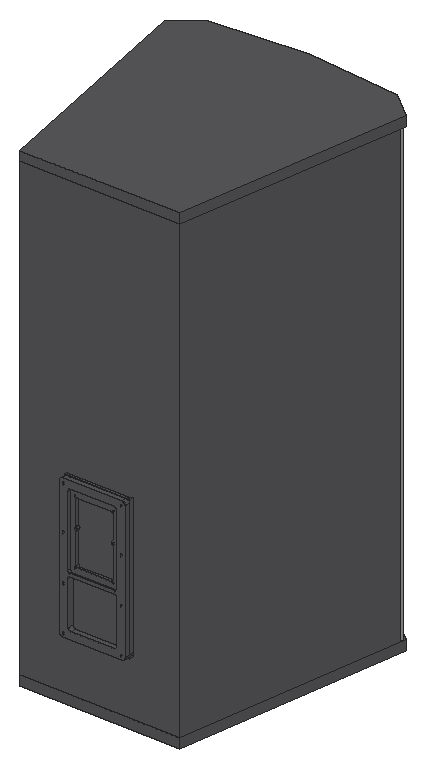
Revit family "EVC-1082-96", category Communication Devices, Revit 2017 (continued)
Definition of nested family "InputPanel_small"
  Lines and regions (mm)
    model lines, not visible
      curve 454: line (57.427, -9.5, 73.992) -> (57.427, -9.5, 72.777)
      curve 455: line (57.427, -9.5, 72.777) -> (57.56, -9.5, 72.903)
      curve 456: line (57.638, -9.5, 73.019) -> (57.638, -9.5, 73.728)
      curve 457: line (57.56, -9.5, 73.866) -> (57.427, -9.5, 73.992)
      curve 458: line (57.639, -9.5, 67.423) -> (57.636, -9.5, 66.745)
      curve 459: line (57.561, -9.5, 66.598) -> (57.428, -9.5, 66.472)
      curve 460: line (57.428, -9.5, 66.472) -> (57.427, -9.5, 67.687)
      curve 461: line (57.427, -9.5, 67.687) -> (57.561, -9.5, 67.561)
      curve 462: line (52.991, -9.5, 73.096) -> (55.108, -9.5, 73.096)
      curve 463: line (55.108, -9.5, 73.096) -> (55.108, -9.5, 73.673)
      curve 464: line (55.108, -9.5, 73.673) -> (52.991, -9.5, 73.672)
      curve 465: line (52.991, -9.5, 73.672) -> (52.991, -9.5, 73.096)
      curve 466: line (52.99, -9.5, 79.403) -> (52.99, -9.5, 79.98)
      curve 467: line (52.99, -9.5, 79.98) -> (55.107, -9.5, 79.98)
      curve 468: line (55.107, -9.5, 79.98) -> (55.107, -9.5, 79.404)
      curve 469: line (55.107, -9.5, 79.404) -> (52.99, -9.5, 79.403)
      curve 470: line (52.991, -9.5, 66.791) -> (52.991, -9.5, 67.367)
      curve 471: line (52.991, -9.5, 67.367) -> (55.109, -9.5, 67.367)
      curve 472: line (55.109, -9.5, 67.367) -> (55.109, -9.5, 66.791)
      curve 473: line (55.109, -9.5, 66.791) -> (52.991, -9.5, 66.791)
      curve 474: line (55.107, -9.5, 85.998) -> (52.989, -9.5, 85.997)
      curve 475: line (52.989, -9.5, 85.997) -> (52.989, -9.5, 85.709)
      curve 476: line (52.989, -9.5, 85.709) -> (55.107, -9.5, 85.709)
      curve 477: line (55.107, -9.5, 85.709) -> (55.107, -9.5, 85.998)
      curve 478: line (55.107, -9.5, 85.998) -> (55.798, -9.5, 85.998)
      curve 479: line (55.801, -9.5, 60.772) -> (55.11, -9.5, 60.772)
      curve 480: line (55.11, -9.5, 60.772) -> (55.11, -9.5, 61.06)
      curve 481: line (55.11, -9.5, 61.06) -> (52.992, -9.5, 61.06)
      curve 482: line (52.992, -9.5, 61.06) -> (52.992, -9.5, 60.772)
      curve 483: line (52.992, -9.5, 60.772) -> (55.11, -9.5, 60.772)
      curve 484: line (54.504, -9.5, 76.743) -> (56.298, -9.5, 74.554)
      curve 485: line (56.298, -9.5, 74.554) -> (55.807, -9.5, 74.222)
      curve 486: line (54.503, -9.5, 83.049) -> (56.297, -9.5, 80.86)
      curve 487: line (56.297, -9.5, 80.86) -> (55.806, -9.5, 80.528)
      curve 488: line (54.531, -9.5, 76.998) -> (56.131, -9.5, 75.046)
      curve 489: line (56.131, -9.5, 75.046) -> (56.7, -9.5, 75.046)
      curve 490: line (56.7, -9.5, 75.046) -> (54.662, -9.5, 77.533)
      curve 491: line (54.531, -9.5, 83.304) -> (56.13, -9.5, 81.352)
      curve 492: line (56.13, -9.5, 81.352) -> (56.699, -9.5, 81.352)
      curve 493: line (56.699, -9.5, 81.352) -> (54.661, -9.5, 83.839)
      curve 494: line (54.505, -9.5, 70.437) -> (56.298, -9.5, 68.248)
      curve 495: line (56.298, -9.5, 68.248) -> (55.807, -9.5, 67.915)
      curve 496: line (54.506, -9.5, 64.13) -> (56.299, -9.5, 61.942)
      curve 497: line (56.299, -9.5, 61.942) -> (55.808, -9.5, 61.609)
      curve 498: line (54.533, -9.5, 64.385) -> (56.132, -9.5, 62.433)
      curve 499: line (56.132, -9.5, 62.433) -> (56.702, -9.5, 62.433)
      curve 500: line (56.702, -9.5, 62.433) -> (54.664, -9.5, 64.92)
      curve 501: line (54.532, -9.5, 70.691) -> (56.131, -9.5, 68.739)
      curve 502: line (56.131, -9.5, 68.739) -> (56.701, -9.5, 68.739)
      curve 503: line (56.701, -9.5, 68.739) -> (54.663, -9.5, 71.227)
      curve 504: line (51.568, -9.5, 63.815) -> (51.568, -9.5, 60.772)
      curve 505: line (51.568, -9.5, 60.772) -> (46.145, -9.5, 60.771)
      curve 506: line (46.145, -9.5, 60.771) -> (46.141, -9.5, 85.996)
      curve 507: line (46.141, -9.5, 85.996) -> (51.565, -9.5, 85.997)
      curve 508: line (51.565, -9.5, 85.997) -> (52.989, -9.5, 85.997)
      curve 509: line (52.989, -9.5, 85.997) -> (49.876, -9.5, 86.125)
      curve 510: line (49.876, -9.5, 86.125) -> (49.754, -9.5, 86.302)
      curve 511: line (52.992, -9.5, 60.772) -> (51.568, -9.5, 60.772)
      curve 512: line (45.361, -9.5, 79.392) -> (45.362, -9.5, 73.88)
      curve 513: line (45.362, -9.5, 73.88) -> (41.147, -9.5, 73.88)
      curve 514: line (41.147, -9.5, 73.88) -> (41.146, -9.5, 79.392)
      curve 515: line (41.146, -9.5, 79.392) -> (45.361, -9.5, 79.392)
      curve 516: line (41.146, -9.5, 79.988) -> (41.145, -9.5, 85.499)
      curve 517: line (41.145, -9.5, 85.499) -> (45.36, -9.5, 85.5)
      curve 518: line (45.36, -9.5, 85.5) -> (45.361, -9.5, 79.988)
      curve 519: line (45.361, -9.5, 79.988) -> (41.146, -9.5, 79.988)
      curve 520: line (45.819, -9.5, 60.771) -> (45.816, -9.5, 85.996)
      curve 521: line (45.816, -9.5, 85.996) -> (40.689, -9.5, 85.996)
      curve 522: line (40.689, -9.5, 85.996) -> (40.692, -9.5, 60.771)
      curve 523: line (40.692, -9.5, 60.771) -> (45.819, -9.5, 60.771)
      curve 524: line (45.819, -9.5, 60.771) -> (46.145, -9.5, 60.771)
      curve 525: line (45.363, -9.5, 66.78) -> (45.363, -9.5, 61.268)
      curve 526: line (45.363, -9.5, 61.268) -> (41.148, -9.5, 61.267)
      curve 527: line (41.148, -9.5, 61.267) -> (41.147, -9.5, 66.779)
      curve 528: line (41.147, -9.5, 66.779) -> (45.363, -9.5, 66.78)
      curve 529: line (41.147, -9.5, 67.375) -> (41.147, -9.5, 72.887)
      curve 530: line (41.147, -9.5, 72.887) -> (45.362, -9.5, 72.887)
      curve 531: line (45.362, -9.5, 72.887) -> (45.363, -9.5, 67.375)
      curve 532: line (45.363, -9.5, 67.375) -> (41.147, -9.5, 67.375)
      curve 533: line (45.816, -9.5, 85.996) -> (46.141, -9.5, 85.996)
      curve 534: line (46.141, -9.5, 85.996) -> (42.88, -9.5, 86.124)
      curve 535: line (42.88, -9.5, 86.124) -> (42.758, -9.5, 86.301)
      curve 536: line (42.758, -9.5, 86.301) -> (45.891, -9.5, 86.301)
      curve 537: line (45.891, -9.5, 86.301) -> (46.013, -9.5, 86.124)
      curve 538: line (45.361, -9.5, 78.225) -> (43.953, -9.5, 78.225)
      curve 539: line (43.953, -9.5, 78.225) -> (43.627, -9.5, 78.913)
      curve 540: line (43.627, -9.5, 78.913) -> (43.242, -9.5, 79.392)
      curve 541: line (45.363, -9.5, 65.613) -> (43.954, -9.5, 65.612)
      curve 542: line (43.954, -9.5, 65.612) -> (43.629, -9.5, 66.3)
      curve 543: line (43.629, -9.5, 66.3) -> (43.244, -9.5, 66.779)
      curve 544: line (45.362, -9.5, 68.542) -> (43.954, -9.5, 68.542)
      curve 545: line (43.954, -9.5, 68.542) -> (43.629, -9.5, 67.854)
      curve 546: line (43.629, -9.5, 67.854) -> (43.244, -9.5, 67.375)
      curve 547: line (45.361, -9.5, 81.155) -> (43.952, -9.5, 81.155)
      curve 548: line (43.952, -9.5, 81.155) -> (43.627, -9.5, 80.467)
      curve 549: line (43.627, -9.5, 80.467) -> (43.242, -9.5, 79.988)
      curve 550: line (45.362, -9.5, 71.919) -> (43.954, -9.5, 71.919)
      curve 551: line (43.954, -9.5, 71.919) -> (43.628, -9.5, 72.607)
      curve 552: line (43.628, -9.5, 72.607) -> (43.403, -9.5, 72.887)
      curve 553: line (45.361, -9.5, 84.532) -> (43.952, -9.5, 84.531)
      curve 554: line (43.952, -9.5, 84.531) -> (43.627, -9.5, 85.219)
      curve 555: line (43.627, -9.5, 85.219) -> (43.401, -9.5, 85.5)
      curve 556: line (45.362, -9.5, 74.849) -> (43.953, -9.5, 74.848)
      curve 557: line (43.953, -9.5, 74.848) -> (43.628, -9.5, 74.16)
      curve 558: line (43.403, -9.5, 73.88) -> (43.628, -9.5, 74.16)
      curve 559: line (43.628, -9.5, 74.16) -> (43.627, -9.5, 78.913)
      curve 560: line (45.363, -9.5, 62.236) -> (43.955, -9.5, 62.236)
      curve 561: line (43.955, -9.5, 62.236) -> (43.629, -9.5, 61.548)
      curve 562: line (43.629, -9.5, 61.548) -> (43.629, -9.5, 66.3)
      curve 563: line (43.404, -9.5, 61.267) -> (43.629, -9.5, 61.548)
      curve 564: line (43.954, -9.5, 68.542) -> (43.954, -9.5, 71.919)
      curve 565: line (43.952, -9.5, 81.155) -> (43.952, -9.5, 84.531)
      curve 566: line (43.954, -9.5, 65.612) -> (43.955, -9.5, 62.236)
      curve 567: line (43.953, -9.5, 78.225) -> (43.953, -9.5, 74.848)
      curve 568: line (45.891, -9.5, 86.301) -> (45.891, -9.5, 86.563)
      curve 569: line (45.891, -9.5, 86.563) -> (42.758, -9.5, 86.562)
      curve 570: line (42.758, -9.5, 86.562) -> (42.758, -9.5, 86.301)
      curve 571: line (45.891, -9.5, 86.563) -> (46.472, -9.5, 86.563)
      curve 572: line (46.472, -9.5, 86.563) -> (46.472, -9.5, 86.301)
      curve 573: line (46.472, -9.5, 86.301) -> (46.35, -9.5, 86.124)
      curve 574: line (42.244, -9.5, 79.988) -> (42.243, -9.5, 85.499)
      curve 575: line (42.246, -9.5, 67.375) -> (42.245, -9.5, 72.887)
      curve 576: line (42.246, -9.5, 61.267) -> (42.246, -9.5, 66.779)
      curve 577: line (42.245, -9.5, 73.88) -> (42.244, -9.5, 79.392)
      curve 578: line (43.629, -9.5, 67.854) -> (43.628, -9.5, 72.607)
      curve 579: line (43.627, -9.5, 80.467) -> (43.627, -9.5, 85.219)
      curve 580: line (52.887, -9.5, 86.302) -> (53.009, -9.5, 86.125)
      curve 581: line (52.887, -9.5, 86.563) -> (52.887, -9.5, 86.302)
      curve 582: line (52.887, -9.5, 86.302) -> (49.754, -9.5, 86.302)
      curve 583: line (49.754, -9.5, 86.302) -> (49.754, -9.5, 86.563)
      curve 584: line (49.754, -9.5, 86.563) -> (52.887, -9.5, 86.563)
      curve 585: line (52.887, -9.5, 86.563) -> (53.468, -9.5, 86.563)
      curve 586: line (53.468, -9.5, 86.563) -> (53.468, -9.5, 86.302)
      curve 587: line (53.468, -9.5, 86.302) -> (53.346, -9.5, 86.125)
      curve 588: line (78.97, -9.5, 60.972) -> (78.967, -9.5, 85.803)
      curve 589: line (78.912, -9.5, 85.748) -> (78.915, -9.5, 61.027)
      curve 590: line (77.958, -9.5, 86.812) -> (40.515, -9.5, 86.808)
      curve 591: line (40.57, -9.5, 86.753) -> (77.903, -9.5, 86.757)
      curve 592: line (39.506, -9.5, 85.799) -> (39.509, -9.5, 60.968)
      curve 593: line (39.509, -9.5, 60.97) -> (39.561, -9.5, 85.744)
      curve 594: line (40.518, -9.5, 59.959) -> (77.962, -9.5, 59.963)
      curve 595: line (77.907, -9.5, 60.018) -> (40.573, -9.5, 60.014)
      curve 596: line (61.368, -9.5, 70.233) -> (59.749, -9.5, 70.232)
      curve 597: line (59.749, -9.5, 70.232) -> (59.415, -9.5, 70.232)
      curve 598: line (61.369, -9.5, 63.926) -> (59.75, -9.5, 63.926)
      curve 599: line (59.75, -9.5, 63.926) -> (59.417, -9.5, 63.926)
      curve 600: line (61.367, -9.5, 76.539) -> (59.748, -9.5, 76.539)
      curve 601: line (59.748, -9.5, 76.539) -> (59.415, -9.5, 76.539)
      curve 602: line (61.367, -9.5, 82.845) -> (59.747, -9.5, 82.845)
      curve 603: line (59.747, -9.5, 82.845) -> (59.414, -9.5, 82.845)
      curve 604: line (57.109, -9.5, 76.538) -> (58.728, -9.5, 76.539)
      curve 605: line (58.728, -9.5, 76.539) -> (59.062, -9.5, 76.539)
      curve 606: line (57.108, -9.5, 82.845) -> (58.727, -9.5, 82.845)
      curve 607: line (58.727, -9.5, 82.845) -> (59.06, -9.5, 82.845)
      curve 608: line (57.109, -9.5, 70.232) -> (58.729, -9.5, 70.232)
      curve 609: line (58.729, -9.5, 70.232) -> (59.062, -9.5, 70.232)
      curve 610: line (57.11, -9.5, 63.926) -> (58.729, -9.5, 63.926)
      curve 611: line (58.729, -9.5, 63.926) -> (59.063, -9.5, 63.926)
    model lines
      curve 612: arc (-30.696, -4.337, 30.291) -> (-31.037, -4.337, 28.695) -> (-32.139, -4.337, 27.491) r 3.109
      curve 613: arc (-30.695, -4.337, 42.904) -> (-31.035, -4.337, 41.308) -> (-32.138, -4.337, 40.104) r 3.109
      curve 614: arc (-30.698, -4.337, 23.985) -> (-31.033, -4.337, 22.399) -> (-32.121, -4.337, 21.198) r 3.108
      curve 615: arc (-30.696, -4.337, 36.598) -> (-31.031, -4.337, 35.012) -> (-32.119, -4.337, 33.811) r 3.108
      curve 616: arc (-31.992, -4.337, 33.004) -> (-31.001, -4.337, 31.812) -> (-30.695, -4.337, 30.291) r 3.166
      curve 617: arc (-31.991, -4.337, 45.616) -> (-30.999, -4.337, 44.424) -> (-30.693, -4.337, 42.904) r 3.166
      curve 618: arc (-31.993, -4.337, 26.696) -> (-31.002, -4.337, 25.504) -> (-30.696, -4.337, 23.985) r 3.165
      curve 619: arc (-31.991, -4.337, 39.309) -> (-31.001, -4.337, 38.117) -> (-30.695, -4.337, 36.598) r 3.165
      curve 620: arc (-30.343, -4.337, 36.598) -> (-30.002, -4.337, 38.194) -> (-28.9, -4.337, 39.398) r 3.109
      curve 621: arc (-30.344, -4.337, 23.985) -> (-30.004, -4.337, 25.581) -> (-28.901, -4.337, 26.785) r 3.109
      curve 622: arc (-30.341, -4.337, 42.904) -> (-30.006, -4.337, 44.49) -> (-28.918, -4.337, 45.691) r 3.108
      curve 623: arc (-30.343, -4.337, 30.291) -> (-30.007, -4.337, 31.877) -> (-28.92, -4.337, 33.078) r 3.108
      curve 624: arc (-29.046, -4.337, 33.885) -> (-30.038, -4.337, 35.077) -> (-30.344, -4.337, 36.598) r 3.166
      curve 625: arc (-29.048, -4.337, 21.273) -> (-30.039, -4.337, 22.465) -> (-30.346, -4.337, 23.985) r 3.166
      curve 626: arc (-29.046, -4.337, 40.193) -> (-30.037, -4.337, 41.385) -> (-30.343, -4.337, 42.904) r 3.165
      curve 627: arc (-29.048, -4.337, 27.58) -> (-30.038, -4.337, 28.772) -> (-30.344, -4.337, 30.291) r 3.165
      curve 628: arc (-33.959, -4.337, 27.746) -> (-35.033, -4.337, 28.816) -> (-35.384, -4.337, 30.292) r 2.775
      curve 629: arc (-34.651, -4.337, 27.426) -> (-35.725, -4.337, 28.679) -> (-36.075, -4.337, 30.292) r 3.371
      curve 630: arc (-33.959, -4.337, 27.746) -> (-34.28, -4.337, 27.533) -> (-34.651, -4.337, 27.426) r 1.273
      curve 631: arc (-33.957, -4.337, 40.358) -> (-35.031, -4.337, 41.429) -> (-35.382, -4.337, 42.905) r 2.775
      curve 632: arc (-34.649, -4.337, 40.039) -> (-35.723, -4.337, 41.292) -> (-36.074, -4.337, 42.905) r 3.371
      curve 633: arc (-33.957, -4.337, 40.358) -> (-34.279, -4.337, 40.146) -> (-34.649, -4.337, 40.039) r 1.273
      curve 634: arc (-33.96, -4.337, 21.44) -> (-35.033, -4.337, 22.511) -> (-35.384, -4.337, 23.986) r 2.774
      curve 635: arc (-34.651, -4.337, 21.121) -> (-35.725, -4.337, 22.374) -> (-36.075, -4.337, 23.986) r 3.37
      curve 636: arc (-33.96, -4.337, 21.44) -> (-34.281, -4.337, 21.228) -> (-34.651, -4.337, 21.121) r 1.273
      curve 637: arc (-33.958, -4.337, 34.053) -> (-35.032, -4.337, 35.123) -> (-35.382, -4.337, 36.598) r 2.774
      curve 638: arc (-34.65, -4.337, 33.734) -> (-35.723, -4.337, 34.986) -> (-36.074, -4.337, 36.598) r 3.37
      curve 639: arc (-33.958, -4.337, 34.053) -> (-34.28, -4.337, 33.84) -> (-34.65, -4.337, 33.734) r 1.273
      curve 640: arc (-35.384, -4.337, 30.292) -> (-35.033, -4.337, 31.767) -> (-33.958, -4.337, 32.838) r 2.775
      curve 641: arc (-34.65, -4.337, 33.157) -> (-34.28, -4.337, 33.051) -> (-33.958, -4.337, 32.838) r 1.273
      curve 642: arc (-36.075, -4.337, 30.292) -> (-35.724, -4.337, 31.905) -> (-34.65, -4.337, 33.157) r 3.371
      curve 643: arc (-35.382, -4.337, 42.905) -> (-35.031, -4.337, 44.38) -> (-33.957, -4.337, 45.451) r 2.775
      curve 644: arc (-34.648, -4.337, 45.77) -> (-34.278, -4.337, 45.663) -> (-33.957, -4.337, 45.451) r 1.273
      curve 645: arc (-36.074, -4.337, 42.905) -> (-35.723, -4.337, 44.517) -> (-34.648, -4.337, 45.77) r 3.371
      curve 646: arc (-35.384, -4.337, 23.986) -> (-35.033, -4.337, 25.461) -> (-33.959, -4.337, 26.531) r 2.774
      curve 647: arc (-34.651, -4.337, 26.85) -> (-34.28, -4.337, 26.743) -> (-33.959, -4.337, 26.531) r 1.273
      curve 648: arc (-36.075, -4.337, 23.986) -> (-35.725, -4.337, 25.598) -> (-34.651, -4.337, 26.85) r 3.37
      curve 649: arc (-35.382, -4.337, 36.598) -> (-35.031, -4.337, 38.073) -> (-33.958, -4.337, 39.143) r 2.774
      curve 650: arc (-34.649, -4.337, 39.463) -> (-34.279, -4.337, 39.356) -> (-33.958, -4.337, 39.143) r 1.273
      curve 651: arc (-36.074, -4.337, 36.598) -> (-35.723, -4.337, 38.21) -> (-34.649, -4.337, 39.463) r 3.37
      curve 652: arc (-30.908, -4.337, 23.985) -> (-31.259, -4.337, 22.51) -> (-32.333, -4.337, 21.44) r 2.774
      curve 653: arc (-32.332, -4.337, 26.53) -> (-31.258, -4.337, 25.46) -> (-30.908, -4.337, 23.985) r 2.774
      curve 654: arc (-30.906, -4.337, 30.291) -> (-31.258, -4.337, 28.816) -> (-32.332, -4.337, 27.745) r 2.775
      curve 655: arc (-32.331, -4.337, 32.838) -> (-31.257, -4.337, 31.767) -> (-30.906, -4.337, 30.291) r 2.775
      curve 656: arc (-30.906, -4.337, 36.598) -> (-31.257, -4.337, 35.123) -> (-32.331, -4.337, 34.053) r 2.774
      curve 657: arc (-32.33, -4.337, 39.143) -> (-31.257, -4.337, 38.073) -> (-30.906, -4.337, 36.598) r 2.774
      curve 658: arc (-30.905, -4.337, 42.904) -> (-31.256, -4.337, 41.429) -> (-32.33, -4.337, 40.358) r 2.775
      curve 659: arc (-32.33, -4.337, 45.45) -> (-31.256, -4.337, 44.38) -> (-30.905, -4.337, 42.904) r 2.775
      curve 660: arc (-36.768, -4.337, 27.427) -> (-37.818, -4.337, 28.63) -> (-38.191, -4.337, 30.182) r 3.348
      curve 661: arc (-36.766, -4.337, 40.039) -> (-37.816, -4.337, 41.242) -> (-38.19, -4.337, 42.794) r 3.348
      curve 662: arc (-38.191, -4.337, 30.403) -> (-37.817, -4.337, 31.955) -> (-36.767, -4.337, 33.158) r 3.348
      curve 663: arc (-38.19, -4.337, 43.015) -> (-37.816, -4.337, 44.568) -> (-36.766, -4.337, 45.77) r 3.348
      curve 664: arc (-36.769, -4.337, 21.121) -> (-37.825, -4.337, 22.337) -> (-38.192, -4.337, 23.905) r 3.353
      curve 665: arc (-36.767, -4.337, 33.734) -> (-37.823, -4.337, 34.95) -> (-38.191, -4.337, 36.517) r 3.353
      curve 666: arc (-38.192, -4.337, 24.067) -> (-37.824, -4.337, 25.635) -> (-36.768, -4.337, 26.85) r 3.353
      curve 667: arc (-38.191, -4.337, 36.68) -> (-37.823, -4.337, 38.248) -> (-36.767, -4.337, 39.463) r 3.353
      curve 668: arc (-32.649, -4.337, 30.292) -> (-32.982, -4.337, 28.919) -> (-34.009, -4.337, 27.951) r 2.482
      curve 669: arc (-32.65, -4.337, 23.985) -> (-32.983, -4.337, 22.613) -> (-34.01, -4.337, 21.644) r 2.482
      curve 670: arc (-33.058, -4.337, 25.478) -> (-32.751, -4.337, 24.76) -> (-32.65, -4.337, 23.985) r 2.857
      curve 671: arc (-33.734, -4.337, 25.636) -> (-33.68, -4.337, 25.558) -> (-33.628, -4.337, 25.478) r 2.446
      curve 672: arc (-33.058, -4.337, 31.784) -> (-32.75, -4.337, 31.066) -> (-32.649, -4.337, 30.292) r 2.857
      curve 673: arc (-33.733, -4.337, 31.942) -> (-33.679, -4.337, 31.864) -> (-33.627, -4.337, 31.784) r 2.446
      curve 674: arc (-32.649, -4.337, 36.598) -> (-32.981, -4.337, 35.226) -> (-34.008, -4.337, 34.257) r 2.482
      curve 675: arc (-32.648, -4.337, 42.904) -> (-32.98, -4.337, 41.532) -> (-34.008, -4.337, 40.563) r 2.482
      curve 676: arc (-33.057, -4.337, 38.091) -> (-32.75, -4.337, 37.372) -> (-32.649, -4.337, 36.598) r 2.857
      curve 677: arc (-33.733, -4.337, 38.249) -> (-33.678, -4.337, 38.171) -> (-33.626, -4.337, 38.091) r 2.446
      curve 678: arc (-33.056, -4.337, 44.397) -> (-32.749, -4.337, 43.679) -> (-32.648, -4.337, 42.904) r 2.857
      curve 679: arc (-33.732, -4.337, 44.555) -> (-33.677, -4.337, 44.477) -> (-33.626, -4.337, 44.397) r 2.446
      curve 680: arc (-27.08, -4.337, 39.143) -> (-26.006, -4.337, 38.073) -> (-25.655, -4.337, 36.597) r 2.775
      curve 681: arc (-26.388, -4.337, 39.463) -> (-25.314, -4.337, 38.21) -> (-24.964, -4.337, 36.597) r 3.371
      curve 682: arc (-27.08, -4.337, 39.143) -> (-26.759, -4.337, 39.356) -> (-26.388, -4.337, 39.463) r 1.273
      curve 683: arc (-27.082, -4.337, 26.531) -> (-26.007, -4.337, 25.46) -> (-25.657, -4.337, 23.984) r 2.775
      curve 684: arc (-26.39, -4.337, 26.85) -> (-25.316, -4.337, 25.597) -> (-24.965, -4.337, 23.984) r 3.371
      curve 685: arc (-27.082, -4.337, 26.531) -> (-26.76, -4.337, 26.743) -> (-26.39, -4.337, 26.85) r 1.273
      curve 686: arc (-27.079, -4.337, 45.449) -> (-26.006, -4.337, 44.378) -> (-25.655, -4.337, 42.903) r 2.774
      curve 687: arc (-26.388, -4.337, 45.768) -> (-25.314, -4.337, 44.515) -> (-24.963, -4.337, 42.903) r 3.37
      curve 688: arc (-27.079, -4.337, 45.449) -> (-26.758, -4.337, 45.661) -> (-26.388, -4.337, 45.768) r 1.273
      curve 689: arc (-27.081, -4.337, 32.836) -> (-26.007, -4.337, 31.766) -> (-25.657, -4.337, 30.291) r 2.774
      curve 690: arc (-26.389, -4.337, 33.155) -> (-25.315, -4.337, 31.903) -> (-24.965, -4.337, 30.291) r 3.37
      curve 691: arc (-27.081, -4.337, 32.836) -> (-26.759, -4.337, 33.049) -> (-26.389, -4.337, 33.155) r 1.273
      curve 692: arc (-25.655, -4.337, 36.597) -> (-26.006, -4.337, 35.122) -> (-27.081, -4.337, 34.051) r 2.775
      curve 693: arc (-26.389, -4.337, 33.732) -> (-26.759, -4.337, 33.838) -> (-27.081, -4.337, 34.051) r 1.273
      curve 694: arc (-24.964, -4.337, 36.597) -> (-25.315, -4.337, 34.984) -> (-26.389, -4.337, 33.732) r 3.371
      curve 695: arc (-25.657, -4.337, 23.984) -> (-26.008, -4.337, 22.509) -> (-27.082, -4.337, 21.438) r 2.775
      curve 696: arc (-26.391, -4.337, 21.119) -> (-26.761, -4.337, 21.226) -> (-27.082, -4.337, 21.438) r 1.273
      curve 697: arc (-24.965, -4.337, 23.984) -> (-25.316, -4.337, 22.372) -> (-26.391, -4.337, 21.119) r 3.371
      curve 698: arc (-25.655, -4.337, 42.903) -> (-26.006, -4.337, 41.429) -> (-27.08, -4.337, 40.358) r 2.774
      curve 699: arc (-26.388, -4.337, 40.039) -> (-26.759, -4.337, 40.146) -> (-27.08, -4.337, 40.358) r 1.273
      curve 700: arc (-24.963, -4.337, 42.903) -> (-25.314, -4.337, 41.291) -> (-26.388, -4.337, 40.039) r 3.37
      curve 701: arc (-25.657, -4.337, 30.291) -> (-26.008, -4.337, 28.816) -> (-27.081, -4.337, 27.746) r 2.774
      curve 702: arc (-26.39, -4.337, 27.426) -> (-26.76, -4.337, 27.533) -> (-27.081, -4.337, 27.746) r 1.273
      curve 703: arc (-24.965, -4.337, 30.291) -> (-25.316, -4.337, 28.679) -> (-26.39, -4.337, 27.426) r 3.37
      curve 704: arc (-30.131, -4.337, 42.904) -> (-29.78, -4.337, 44.379) -> (-28.706, -4.337, 45.449) r 2.774
      curve 705: arc (-28.707, -4.337, 40.359) -> (-29.78, -4.337, 41.429) -> (-30.131, -4.337, 42.904) r 2.774
      curve 706: arc (-30.133, -4.337, 36.598) -> (-29.781, -4.337, 38.073) -> (-28.707, -4.337, 39.144) r 2.775
      curve 707: arc (-28.708, -4.337, 34.051) -> (-29.782, -4.337, 35.122) -> (-30.133, -4.337, 36.598) r 2.775
      curve 708: arc (-30.133, -4.337, 30.291) -> (-29.782, -4.337, 31.766) -> (-28.708, -4.337, 32.836) r 2.774
      curve 709: arc (-28.708, -4.337, 27.746) -> (-29.782, -4.337, 28.816) -> (-30.133, -4.337, 30.291) r 2.774
      curve 710: arc (-30.134, -4.337, 23.985) -> (-29.783, -4.337, 25.46) -> (-28.709, -4.337, 26.531) r 2.775
      curve 711: arc (-28.709, -4.337, 21.439) -> (-29.783, -4.337, 22.509) -> (-30.134, -4.337, 23.985) r 2.775
      curve 712: arc (-24.271, -4.337, 39.462) -> (-23.221, -4.337, 38.26) -> (-22.848, -4.337, 36.707) r 3.348
      curve 713: arc (-24.272, -4.337, 26.85) -> (-23.223, -4.337, 25.647) -> (-22.849, -4.337, 24.095) r 3.348
      curve 714: arc (-22.848, -4.337, 36.486) -> (-23.222, -4.337, 34.934) -> (-24.272, -4.337, 33.731) r 3.348
      curve 715: arc (-22.849, -4.337, 23.874) -> (-23.223, -4.337, 22.321) -> (-24.273, -4.337, 21.119) r 3.348
      curve 716: arc (-24.27, -4.337, 45.768) -> (-23.214, -4.337, 44.552) -> (-22.847, -4.337, 42.984) r 3.353
      curve 717: arc (-24.272, -4.337, 33.155) -> (-23.216, -4.337, 31.939) -> (-22.848, -4.337, 30.372) r 3.353
      curve 718: arc (-22.847, -4.337, 42.822) -> (-23.215, -4.337, 41.254) -> (-24.271, -4.337, 40.039) r 3.353
      curve 719: arc (-22.848, -4.337, 30.209) -> (-23.216, -4.337, 28.641) -> (-24.272, -4.337, 27.426) r 3.353
      curve 720: arc (-28.389, -4.337, 42.904) -> (-28.056, -4.337, 44.276) -> (-27.029, -4.337, 45.245) r 2.482
      curve 721: arc (-28.39, -4.337, 36.597) -> (-28.057, -4.337, 37.97) -> (-27.03, -4.337, 38.938) r 2.482
      curve 722: arc (-27.981, -4.337, 35.105) -> (-28.288, -4.337, 35.823) -> (-28.39, -4.337, 36.597) r 2.857
      curve 723: arc (-27.306, -4.337, 34.947) -> (-27.36, -4.337, 35.025) -> (-27.412, -4.337, 35.105) r 2.446
      curve 724: arc (-27.981, -4.337, 41.411) -> (-28.288, -4.337, 42.129) -> (-28.389, -4.337, 42.904) r 2.857
      curve 725: arc (-27.305, -4.337, 41.253) -> (-27.359, -4.337, 41.331) -> (-27.411, -4.337, 41.411) r 2.446
      curve 726: arc (-28.39, -4.337, 30.291) -> (-28.058, -4.337, 31.663) -> (-27.031, -4.337, 32.632) r 2.482
      curve 727: arc (-28.391, -4.337, 23.985) -> (-28.058, -4.337, 25.357) -> (-27.031, -4.337, 26.326) r 2.482
      curve 728: arc (-27.983, -4.337, 22.492) -> (-28.29, -4.337, 23.21) -> (-28.391, -4.337, 23.985) r 2.857
      curve 729: arc (-27.307, -4.337, 22.334) -> (-27.362, -4.337, 22.412) -> (-27.413, -4.337, 22.492) r 2.446
      curve 730: arc (-27.982, -4.337, 28.799) -> (-28.289, -4.337, 29.517) -> (-28.39, -4.337, 30.291) r 2.857
      curve 731: arc (-27.306, -4.337, 28.64) -> (-27.361, -4.337, 28.718) -> (-27.412, -4.337, 28.798) r 2.446
      curve 732: spline (-49.243, -4.337, 20.022) -> (-49.374, -4.337, 20.031) -> (-49.504, -4.337, 20.057) -> (-49.629, -4.337, 20.099) -> (-49.747, -4.337, 20.158) -> (-49.857, -4.337, 20.231) -> (-49.956, -4.337, 20.318) -> (-50.043, -4.337, 20.417) -> (-50.116, -4.337, 20.527) -> (-50.175, -4.337, 20.645) -> (-50.217, -4.337, 20.77) -> (-50.243, -4.337, 20.9) -> (-50.251, -4.337, 21.031)
      curve 733: spline (-50.248, -4.337, 45.862) -> (-50.24, -4.337, 45.994) -> (-50.214, -4.337, 46.124) -> (-50.172, -4.337, 46.249) -> (-50.113, -4.337, 46.367) -> (-50.04, -4.337, 46.477) -> (-49.953, -4.337, 46.576) -> (-49.854, -4.337, 46.663) -> (-49.744, -4.337, 46.736) -> (-49.626, -4.337, 46.794) -> (-49.501, -4.337, 46.837) -> (-49.371, -4.337, 46.863) -> (-49.239, -4.337, 46.871)
      curve 734: spline (-11.796, -4.337, 46.867) -> (-11.664, -4.337, 46.858) -> (-11.535, -4.337, 46.832) -> (-11.41, -4.337, 46.79) -> (-11.291, -4.337, 46.731) -> (-11.182, -4.337, 46.658) -> (-11.082, -4.337, 46.571) -> (-10.995, -4.337, 46.472) -> (-10.922, -4.337, 46.362) -> (-10.864, -4.337, 46.244) -> (-10.821, -4.337, 46.119) -> (-10.796, -4.337, 45.989) -> (-10.787, -4.337, 45.858)
      curve 735: spline (-10.79, -4.337, 21.029) -> (-10.798, -4.337, 20.897) -> (-10.824, -4.337, 20.767) -> (-10.866, -4.337, 20.642) -> (-10.925, -4.337, 20.523) -> (-10.998, -4.337, 20.413) -> (-11.085, -4.337, 20.314) -> (-11.184, -4.337, 20.227) -> (-11.294, -4.337, 20.153) -> (-11.412, -4.337, 20.095) -> (-11.538, -4.337, 20.052) -> (-11.667, -4.337, 20.026) -> (-11.799, -4.337, 20.018)
      curve 736: spline (-11.851, -4.337, 46.812) -> (-11.719, -4.337, 46.803) -> (-11.59, -4.337, 46.777) -> (-11.465, -4.337, 46.735) -> (-11.346, -4.337, 46.676) -> (-11.237, -4.337, 46.603) -> (-11.137, -4.337, 46.516) -> (-11.05, -4.337, 46.417) -> (-10.977, -4.337, 46.307) -> (-10.919, -4.337, 46.189) -> (-10.876, -4.337, 46.064) -> (-10.851, -4.337, 45.934) -> (-10.842, -4.337, 45.803)
      curve 737: spline (-10.845, -4.337, 21.082) -> (-10.854, -4.337, 20.95) -> (-10.879, -4.337, 20.82) -> (-10.922, -4.337, 20.696) -> (-10.98, -4.337, 20.577) -> (-11.054, -4.337, 20.467) -> (-11.141, -4.337, 20.368) -> (-11.24, -4.337, 20.281) -> (-11.35, -4.337, 20.208) -> (-11.468, -4.337, 20.15) -> (-11.593, -4.337, 20.107) -> (-11.722, -4.337, 20.081) -> (-11.854, -4.337, 20.073)
      curve 738: spline (-50.193, -4.337, 45.807) -> (-50.185, -4.337, 45.939) -> (-50.159, -4.337, 46.069) -> (-50.117, -4.337, 46.194) -> (-50.058, -4.337, 46.312) -> (-49.985, -4.337, 46.422) -> (-49.898, -4.337, 46.521) -> (-49.799, -4.337, 46.608) -> (-49.689, -4.337, 46.681) -> (-49.571, -4.337, 46.739) -> (-49.446, -4.337, 46.782) -> (-49.316, -4.337, 46.808) -> (-49.184, -4.337, 46.816)
      curve 739: spline (-49.188, -4.337, 20.077) -> (-49.319, -4.337, 20.086) -> (-49.449, -4.337, 20.112) -> (-49.574, -4.337, 20.154) -> (-49.692, -4.337, 20.213) -> (-49.802, -4.337, 20.286) -> (-49.901, -4.337, 20.373) -> (-49.988, -4.337, 20.472) -> (-50.061, -4.337, 20.582) -> (-50.12, -4.337, 20.7) -> (-50.162, -4.337, 20.825) -> (-50.188, -4.337, 20.955) -> (-50.196, -4.337, 21.086)
      curve 740: line (-35.26, -4.337, 30.292) -> (-35.099, -4.337, 31.28)
      curve 741: line (-35.099, -4.337, 31.28) -> (-34.641, -4.337, 32.118)
      curve 742: line (-34.641, -4.337, 32.118) -> (-33.954, -4.337, 32.677)
      curve 743: line (-33.954, -4.337, 32.677) -> (-33.145, -4.337, 32.874)
      curve 744: line (-33.145, -4.337, 32.874) -> (-32.335, -4.337, 32.677)
      curve 745: line (-32.335, -4.337, 32.677) -> (-31.649, -4.337, 32.117)
      curve 746: line (-31.649, -4.337, 32.117) -> (-31.191, -4.337, 31.28)
      curve 747: line (-31.191, -4.337, 31.28) -> (-31.03, -4.337, 30.291)
      curve 748: line (-31.03, -4.337, 30.291) -> (-31.191, -4.337, 29.303)
      curve 749: line (-31.191, -4.337, 29.303) -> (-31.65, -4.337, 28.466)
      curve 750: line (-31.65, -4.337, 28.466) -> (-32.336, -4.337, 27.906)
      curve 751: line (-32.336, -4.337, 27.906) -> (-33.145, -4.337, 27.71)
      curve 752: line (-33.145, -4.337, 27.71) -> (-33.955, -4.337, 27.906)
      curve 753: line (-33.955, -4.337, 27.906) -> (-34.641, -4.337, 28.466)
      curve 754: line (-34.641, -4.337, 28.466) -> (-35.096, -4.337, 29.297)
      curve 755: line (-35.099, -4.337, 29.304) -> (-35.384, -4.337, 30.292)
      curve 756: line (-35.384, -4.337, 30.292) -> (-36.075, -4.337, 30.292)
      curve 757: line (-36.075, -4.337, 30.292) -> (-38.193, -4.337, 30.292)
      curve 758: line (-38.193, -4.337, 30.292) -> (-38.192, -4.337, 24.067)
      curve 759: line (-35.259, -4.337, 42.905) -> (-35.098, -4.337, 43.893)
      curve 760: line (-35.098, -4.337, 43.893) -> (-34.639, -4.337, 44.73)
      curve 761: line (-34.639, -4.337, 44.73) -> (-33.953, -4.337, 45.29)
      curve 762: line (-33.953, -4.337, 45.29) -> (-33.143, -4.337, 45.486)
      curve 763: line (-33.143, -4.337, 45.486) -> (-32.334, -4.337, 45.29)
      curve 764: line (-32.334, -4.337, 45.29) -> (-31.648, -4.337, 44.73)
      curve 765: line (-31.648, -4.337, 44.73) -> (-31.189, -4.337, 43.892)
      curve 766: line (-31.189, -4.337, 43.892) -> (-31.028, -4.337, 42.904)
      curve 767: line (-31.028, -4.337, 42.904) -> (-31.19, -4.337, 41.916)
      curve 768: line (-31.19, -4.337, 41.916) -> (-31.648, -4.337, 41.078)
      curve 769: line (-31.648, -4.337, 41.078) -> (-32.334, -4.337, 40.519)
      curve 770: line (-32.334, -4.337, 40.519) -> (-33.144, -4.337, 40.322)
      curve 771: line (-33.144, -4.337, 40.322) -> (-33.953, -4.337, 40.519)
      curve 772: line (-33.953, -4.337, 40.519) -> (-34.639, -4.337, 41.079)
      curve 773: line (-34.639, -4.337, 41.079) -> (-35.094, -4.337, 41.91)
      curve 774: line (-35.098, -4.337, 41.916) -> (-35.382, -4.337, 42.905)
      curve 775: line (-35.382, -4.337, 42.905) -> (-36.074, -4.337, 42.905)
      curve 776: line (-36.074, -4.337, 42.905) -> (-38.191, -4.337, 42.905)
      curve 777: line (-38.191, -4.337, 42.905) -> (-38.191, -4.337, 36.68)
      curve 778: line (-35.261, -4.337, 23.986) -> (-35.1, -4.337, 24.974)
      curve 779: line (-35.1, -4.337, 24.974) -> (-34.641, -4.337, 25.811)
      curve 780: line (-34.641, -4.337, 25.811) -> (-33.955, -4.337, 26.371)
      curve 781: line (-33.955, -4.337, 26.371) -> (-33.146, -4.337, 26.567)
      curve 782: line (-33.146, -4.337, 26.567) -> (-32.336, -4.337, 26.371)
      curve 783: line (-32.336, -4.337, 26.371) -> (-31.65, -4.337, 25.811)
      curve 784: line (-31.65, -4.337, 25.811) -> (-31.192, -4.337, 24.973)
      curve 785: line (-31.192, -4.337, 24.973) -> (-31.031, -4.337, 23.985)
      curve 786: line (-31.031, -4.337, 23.985) -> (-31.192, -4.337, 22.997)
      curve 787: line (-31.192, -4.337, 22.997) -> (-31.65, -4.337, 22.159)
      curve 788: line (-31.65, -4.337, 22.159) -> (-32.337, -4.337, 21.6)
      curve 789: line (-32.337, -4.337, 21.6) -> (-33.146, -4.337, 21.403)
      curve 790: line (-33.146, -4.337, 21.403) -> (-33.956, -4.337, 21.6)
      curve 791: line (-33.956, -4.337, 21.6) -> (-34.642, -4.337, 22.16)
      curve 792: line (-34.642, -4.337, 22.16) -> (-35.096, -4.337, 22.991)
      curve 793: line (-35.1, -4.337, 22.997) -> (-35.384, -4.337, 23.986)
      curve 794: line (-35.384, -4.337, 23.986) -> (-36.075, -4.337, 23.986)
      curve 795: line (-36.075, -4.337, 23.986) -> (-38.193, -4.337, 23.986)
      curve 796: line (-38.193, -4.337, 23.986) -> (-38.192, -4.337, 20.833)
      curve 797: line (-38.192, -4.337, 20.833) -> (-36.769, -4.337, 20.833)
      curve 798: line (-36.769, -4.337, 20.833) -> (-39.881, -4.337, 20.705)
      curve 799: line (-39.881, -4.337, 20.705) -> (-40.003, -4.337, 20.528)
      curve 800: line (-40.003, -4.337, 20.528) -> (-36.871, -4.337, 20.528)
      curve 801: line (-36.871, -4.337, 20.528) -> (-36.749, -4.337, 20.705)
      curve 802: line (-35.259, -4.337, 36.598) -> (-35.098, -4.337, 37.586)
      curve 803: line (-35.098, -4.337, 37.586) -> (-34.64, -4.337, 38.424)
      curve 804: line (-34.64, -4.337, 38.424) -> (-33.953, -4.337, 38.984)
      curve 805: line (-33.953, -4.337, 38.984) -> (-33.144, -4.337, 39.18)
      curve 806: line (-33.144, -4.337, 39.18) -> (-32.335, -4.337, 38.983)
      curve 807: line (-32.335, -4.337, 38.983) -> (-31.648, -4.337, 38.424)
      curve 808: line (-31.648, -4.337, 38.424) -> (-31.19, -4.337, 37.586)
      curve 809: line (-31.19, -4.337, 37.586) -> (-31.029, -4.337, 36.598)
      curve 810: line (-31.029, -4.337, 36.598) -> (-31.19, -4.337, 35.61)
      curve 811: line (-31.19, -4.337, 35.61) -> (-31.649, -4.337, 34.772)
      curve 812: line (-31.649, -4.337, 34.772) -> (-32.335, -4.337, 34.212)
      curve 813: line (-32.335, -4.337, 34.212) -> (-33.145, -4.337, 34.016)
      curve 814: line (-33.145, -4.337, 34.016) -> (-33.954, -4.337, 34.213)
      curve 815: line (-33.954, -4.337, 34.213) -> (-34.64, -4.337, 34.772)
      curve 816: line (-34.64, -4.337, 34.772) -> (-35.095, -4.337, 35.603)
      curve 817: line (-35.099, -4.337, 35.61) -> (-35.382, -4.337, 36.598)
      curve 818: line (-35.382, -4.337, 36.598) -> (-36.074, -4.337, 36.598)
      curve 819: line (-36.074, -4.337, 36.598) -> (-38.191, -4.337, 36.599)
      curve 820: line (-38.191, -4.337, 36.599) -> (-38.191, -4.337, 30.403)
      curve 821: line (-32.33, -4.337, 46.057) -> (-32.118, -4.337, 46.057)
      curve 822: line (-32.118, -4.337, 46.057) -> (-32.118, -4.337, 45.714)
      curve 823: line (-32.197, -4.337, 45.576) -> (-32.33, -4.337, 45.45)
      curve 824: line (-32.33, -4.337, 45.45) -> (-32.33, -4.337, 46.057)
      curve 825: line (-32.33, -4.337, 46.057) -> (-33.957, -4.337, 46.058)
      curve 826: line (-33.957, -4.337, 46.058) -> (-33.957, -4.337, 45.451)
      curve 827: line (-33.958, -4.337, 39.143) -> (-33.957, -4.337, 40.358)
      curve 828: line (-33.958, -4.337, 32.838) -> (-33.958, -4.337, 34.053)
      curve 829: line (-33.959, -4.337, 26.531) -> (-33.959, -4.337, 27.746)
      curve 830: line (-32.333, -4.337, 20.832) -> (-32.121, -4.337, 20.832)
      curve 831: line (-32.121, -4.337, 20.832) -> (-32.121, -4.337, 21.198)
      curve 832: line (-32.2, -4.337, 21.314) -> (-32.333, -4.337, 21.44)
      curve 833: line (-32.333, -4.337, 21.44) -> (-32.333, -4.337, 20.832)
      curve 834: line (-32.333, -4.337, 20.832) -> (-33.96, -4.337, 20.832)
      curve 835: line (-33.96, -4.337, 20.832) -> (-33.96, -4.337, 21.44)
      curve 836: line (-32.12, -4.337, 26.794) -> (-32.123, -4.337, 27.472)
      curve 837: line (-32.199, -4.337, 27.619) -> (-32.332, -4.337, 27.745)
      curve 838: line (-32.332, -4.337, 27.745) -> (-32.332, -4.337, 26.53)
      curve 839: line (-32.332, -4.337, 26.53) -> (-32.199, -4.337, 26.657)
      curve 840: line (-32.331, -4.337, 32.838) -> (-32.331, -4.337, 34.053)
      curve 841: line (-32.331, -4.337, 34.053) -> (-32.198, -4.337, 33.927)
      curve 842: line (-32.119, -4.337, 33.811) -> (-32.119, -4.337, 33.102)
      curve 843: line (-32.198, -4.337, 32.964) -> (-32.331, -4.337, 32.838)
      curve 844: line (-32.119, -4.337, 39.407) -> (-32.122, -4.337, 40.085)
      curve 845: line (-32.197, -4.337, 40.232) -> (-32.33, -4.337, 40.358)
      curve 846: line (-32.33, -4.337, 40.358) -> (-32.33, -4.337, 39.143)
      curve 847: line (-32.33, -4.337, 39.143) -> (-32.197, -4.337, 39.269)
      curve 848: line (-36.767, -4.337, 33.734) -> (-34.65, -4.337, 33.734)
      curve 849: line (-34.65, -4.337, 33.734) -> (-34.65, -4.337, 33.157)
      curve 850: line (-34.65, -4.337, 33.157) -> (-36.767, -4.337, 33.158)
      curve 851: line (-36.767, -4.337, 33.158) -> (-36.767, -4.337, 33.734)
      curve 852: line (-36.768, -4.337, 27.427) -> (-36.768, -4.337, 26.85)
      curve 853: line (-36.768, -4.337, 26.85) -> (-34.651, -4.337, 26.85)
      curve 854: line (-34.651, -4.337, 26.85) -> (-34.651, -4.337, 27.426)
      curve 855: line (-34.651, -4.337, 27.426) -> (-36.768, -4.337, 27.427)
      curve 856: line (-36.766, -4.337, 40.039) -> (-36.767, -4.337, 39.463)
      curve 857: line (-36.767, -4.337, 39.463) -> (-34.649, -4.337, 39.463)
      curve 858: line (-34.649, -4.337, 39.463) -> (-34.649, -4.337, 40.039)
      curve 859: line (-34.649, -4.337, 40.039) -> (-36.766, -4.337, 40.039)
      curve 860: line (-34.651, -4.337, 20.832) -> (-36.769, -4.337, 20.833)
      curve 861: line (-36.769, -4.337, 20.833) -> (-36.769, -4.337, 21.121)
      curve 862: line (-36.769, -4.337, 21.121) -> (-34.651, -4.337, 21.121)
      curve 863: line (-34.651, -4.337, 21.121) -> (-34.651, -4.337, 20.832)
      curve 864: line (-34.651, -4.337, 20.832) -> (-33.96, -4.337, 20.832)
      curve 865: line (-33.957, -4.337, 46.058) -> (-34.648, -4.337, 46.058)
      curve 866: line (-34.648, -4.337, 46.058) -> (-34.648, -4.337, 45.77)
      curve 867: line (-34.648, -4.337, 45.77) -> (-36.766, -4.337, 45.77)
      curve 868: line (-36.766, -4.337, 45.77) -> (-36.766, -4.337, 46.058)
      curve 869: line (-36.766, -4.337, 46.058) -> (-34.648, -4.337, 46.058)
      curve 870: line (-35.254, -4.337, 23.781) -> (-33.461, -4.337, 25.97)
      curve 871: line (-33.461, -4.337, 25.97) -> (-33.952, -4.337, 26.302)
      curve 872: line (-35.254, -4.337, 30.087) -> (-33.46, -4.337, 32.276)
      curve 873: line (-33.46, -4.337, 32.276) -> (-33.951, -4.337, 32.608)
      curve 874: line (-35.227, -4.337, 23.526) -> (-33.628, -4.337, 25.478)
      curve 875: line (-33.628, -4.337, 25.478) -> (-33.058, -4.337, 25.478)
      curve 876: line (-33.058, -4.337, 25.478) -> (-35.096, -4.337, 22.991)
      curve 877: line (-35.227, -4.337, 29.832) -> (-33.627, -4.337, 31.784)
      curve 878: line (-33.627, -4.337, 31.784) -> (-33.058, -4.337, 31.784)
      curve 879: line (-33.058, -4.337, 31.784) -> (-35.096, -4.337, 29.297)
      curve 880: line (-35.226, -4.337, 36.139) -> (-33.626, -4.337, 38.091)
      curve 881: line (-33.626, -4.337, 38.091) -> (-33.057, -4.337, 38.091)
      curve 882: line (-33.057, -4.337, 38.091) -> (-35.095, -4.337, 35.603)
      curve 883: line (-35.253, -4.337, 36.393) -> (-33.459, -4.337, 38.582)
      curve 884: line (-33.459, -4.337, 38.582) -> (-33.95, -4.337, 38.915)
      curve 885: line (-35.252, -4.337, 42.7) -> (-33.459, -4.337, 44.888)
      curve 886: line (-33.459, -4.337, 44.888) -> (-33.95, -4.337, 45.221)
      curve 887: line (-35.225, -4.337, 42.445) -> (-33.626, -4.337, 44.397)
      curve 888: line (-33.626, -4.337, 44.397) -> (-33.056, -4.337, 44.397)
      curve 889: line (-33.056, -4.337, 44.397) -> (-35.094, -4.337, 41.91)
      curve 890: line (-38.19, -4.337, 43.015) -> (-38.189, -4.337, 46.058)
      curve 891: line (-38.189, -4.337, 46.058) -> (-43.613, -4.337, 46.059)
      curve 892: line (-43.613, -4.337, 46.059) -> (-43.616, -4.337, 20.834)
      curve 893: line (-43.616, -4.337, 20.834) -> (-38.192, -4.337, 20.833)
      curve 894: line (-36.766, -4.337, 46.058) -> (-38.189, -4.337, 46.058)
      curve 895: line (-43.613, -4.337, 46.059) -> (-43.939, -4.337, 46.059)
      curve 896: line (-43.939, -4.337, 46.059) -> (-43.942, -4.337, 20.834)
      curve 897: line (-43.942, -4.337, 20.834) -> (-43.616, -4.337, 20.834)
      curve 898: line (-43.616, -4.337, 20.834) -> (-43.745, -4.337, 20.706)
      curve 899: line (-43.745, -4.337, 20.706) -> (-43.867, -4.337, 20.529)
      curve 900: line (-44.397, -4.337, 27.438) -> (-44.396, -4.337, 32.95)
      curve 901: line (-44.396, -4.337, 32.95) -> (-48.611, -4.337, 32.95)
      curve 902: line (-48.611, -4.337, 32.95) -> (-48.612, -4.337, 27.438)
      curve 903: line (-48.612, -4.337, 27.438) -> (-44.397, -4.337, 27.438)
      curve 904: line (-48.612, -4.337, 26.842) -> (-48.613, -4.337, 21.331)
      curve 905: line (-48.613, -4.337, 21.331) -> (-44.397, -4.337, 21.33)
      curve 906: line (-44.397, -4.337, 21.33) -> (-44.397, -4.337, 26.842)
      curve 907: line (-44.397, -4.337, 26.842) -> (-48.612, -4.337, 26.842)
      curve 908: line (-43.942, -4.337, 20.834) -> (-49.068, -4.337, 20.834)
      curve 909: line (-49.068, -4.337, 20.834) -> (-49.065, -4.337, 46.059)
      curve 910: line (-49.065, -4.337, 46.059) -> (-43.939, -4.337, 46.059)
      curve 911: line (-44.395, -4.337, 40.05) -> (-44.395, -4.337, 45.562)
      curve 912: line (-44.395, -4.337, 45.562) -> (-48.61, -4.337, 45.563)
      curve 913: line (-48.61, -4.337, 45.563) -> (-48.61, -4.337, 40.051)
      curve 914: line (-48.61, -4.337, 40.051) -> (-44.395, -4.337, 40.05)
      curve 915: line (-48.611, -4.337, 39.455) -> (-48.611, -4.337, 33.943)
      curve 916: line (-48.611, -4.337, 33.943) -> (-44.396, -4.337, 33.943)
      curve 917: line (-44.396, -4.337, 33.943) -> (-44.395, -4.337, 39.455)
      curve 918: line (-44.395, -4.337, 39.455) -> (-48.611, -4.337, 39.455)
      curve 919: line (-44.395, -4.337, 41.217) -> (-45.804, -4.337, 41.218)
      curve 920: line (-45.804, -4.337, 41.218) -> (-46.129, -4.337, 40.53)
      curve 921: line (-46.129, -4.337, 40.53) -> (-46.514, -4.337, 40.051)
      curve 922: line (-44.397, -4.337, 28.605) -> (-45.805, -4.337, 28.605)
      curve 923: line (-45.805, -4.337, 28.605) -> (-46.131, -4.337, 27.917)
      curve 924: line (-46.131, -4.337, 27.917) -> (-46.516, -4.337, 27.438)
      curve 925: line (-44.395, -4.337, 38.288) -> (-45.804, -4.337, 38.288)
      curve 926: line (-45.804, -4.337, 38.288) -> (-46.129, -4.337, 38.976)
      curve 927: line (-46.129, -4.337, 38.976) -> (-46.514, -4.337, 39.455)
      curve 928: line (-44.397, -4.337, 25.675) -> (-45.805, -4.337, 25.675)
      curve 929: line (-45.805, -4.337, 25.675) -> (-46.131, -4.337, 26.363)
      curve 930: line (-46.131, -4.337, 26.363) -> (-46.516, -4.337, 26.842)
      curve 931: line (-44.397, -4.337, 22.298) -> (-45.806, -4.337, 22.299)
      curve 932: line (-45.806, -4.337, 22.299) -> (-46.131, -4.337, 21.611)
      curve 933: line (-46.131, -4.337, 21.611) -> (-46.357, -4.337, 21.33)
      curve 934: line (-44.396, -4.337, 34.911) -> (-45.804, -4.337, 34.911)
      curve 935: line (-45.804, -4.337, 34.911) -> (-46.13, -4.337, 34.223)
      curve 936: line (-46.13, -4.337, 34.223) -> (-46.355, -4.337, 33.943)
      curve 937: line (-44.396, -4.337, 31.981) -> (-45.805, -4.337, 31.982)
      curve 938: line (-45.805, -4.337, 31.982) -> (-46.13, -4.337, 32.67)
      curve 939: line (-46.355, -4.337, 32.95) -> (-46.13, -4.337, 32.67)
      curve 940: line (-46.13, -4.337, 32.67) -> (-46.131, -4.337, 27.917)
      curve 941: line (-44.395, -4.337, 44.594) -> (-45.803, -4.337, 44.594)
      curve 942: line (-45.803, -4.337, 44.594) -> (-46.128, -4.337, 45.282)
      curve 943: line (-46.128, -4.337, 45.282) -> (-46.129, -4.337, 40.53)
      curve 944: line (-46.354, -4.337, 45.563) -> (-46.128, -4.337, 45.282)
      curve 945: line (-45.805, -4.337, 25.675) -> (-45.806, -4.337, 22.299)
      curve 946: line (-45.804, -4.337, 38.288) -> (-45.804, -4.337, 34.911)
      curve 947: line (-45.805, -4.337, 28.605) -> (-45.805, -4.337, 31.982)
      curve 948: line (-45.804, -4.337, 41.218) -> (-45.803, -4.337, 44.594)
      curve 949: line (-43.867, -4.337, 20.267) -> (-47, -4.337, 20.268)
      curve 950: line (-47, -4.337, 20.268) -> (-47, -4.337, 20.529)
      curve 951: line (-47, -4.337, 20.529) -> (-43.867, -4.337, 20.529)
      curve 952: line (-43.867, -4.337, 20.529) -> (-43.867, -4.337, 20.267)
      curve 953: line (-43.867, -4.337, 20.267) -> (-43.286, -4.337, 20.267)
      curve 954: line (-43.286, -4.337, 20.267) -> (-43.286, -4.337, 20.529)
      curve 955: line (-43.286, -4.337, 20.529) -> (-43.408, -4.337, 20.833)
      curve 956: line (-43.745, -4.337, 20.706) -> (-46.878, -4.337, 20.706)
      curve 957: line (-46.878, -4.337, 20.706) -> (-47, -4.337, 20.529)
      curve 958: line (-47.514, -4.337, 26.842) -> (-47.514, -4.337, 21.331)
      curve 959: line (-47.512, -4.337, 39.455) -> (-47.513, -4.337, 33.943)
      curve 960: line (-47.513, -4.337, 32.95) -> (-47.514, -4.337, 27.438)
      curve 961: line (-47.512, -4.337, 45.563) -> (-47.512, -4.337, 40.051)
      curve 962: line (-46.131, -4.337, 26.363) -> (-46.131, -4.337, 21.611)
      curve 963: line (-46.129, -4.337, 38.976) -> (-46.13, -4.337, 34.223)
      curve 964: line (-36.871, -4.337, 20.528) -> (-36.871, -4.337, 20.267)
      curve 965: line (-36.871, -4.337, 20.267) -> (-36.29, -4.337, 20.267)
      curve 966: line (-36.29, -4.337, 20.267) -> (-36.29, -4.337, 20.528)
      curve 967: line (-36.29, -4.337, 20.528) -> (-36.412, -4.337, 20.705)
      curve 968: line (-36.871, -4.337, 20.267) -> (-40.004, -4.337, 20.267)
      curve 969: line (-40.004, -4.337, 20.267) -> (-40.003, -4.337, 20.528)
      curve 970: line (-25.779, -4.337, 36.597) -> (-25.94, -4.337, 35.609)
      curve 971: line (-25.94, -4.337, 35.609) -> (-26.398, -4.337, 34.771)
      curve 972: line (-26.398, -4.337, 34.771) -> (-27.085, -4.337, 34.212)
      curve 973: line (-27.085, -4.337, 34.212) -> (-27.894, -4.337, 34.015)
      curve 974: line (-27.894, -4.337, 34.015) -> (-28.704, -4.337, 34.212)
      curve 975: line (-28.704, -4.337, 34.212) -> (-29.39, -4.337, 34.772)
      curve 976: line (-29.39, -4.337, 34.772) -> (-29.848, -4.337, 35.609)
      curve 977: line (-29.848, -4.337, 35.609) -> (-30.009, -4.337, 36.598)
      curve 978: line (-30.009, -4.337, 36.598) -> (-29.848, -4.337, 37.586)
      curve 979: line (-29.848, -4.337, 37.586) -> (-29.389, -4.337, 38.423)
      curve 980: line (-29.389, -4.337, 38.423) -> (-28.703, -4.337, 38.983)
      curve 981: line (-28.703, -4.337, 38.983) -> (-27.894, -4.337, 39.179)
      curve 982: line (-27.894, -4.337, 39.179) -> (-27.084, -4.337, 38.983)
      curve 983: line (-27.084, -4.337, 38.983) -> (-26.398, -4.337, 38.423)
      curve 984: line (-26.398, -4.337, 38.423) -> (-25.943, -4.337, 37.592)
      curve 985: line (-25.94, -4.337, 37.585) -> (-25.655, -4.337, 36.597)
      curve 986: line (-25.655, -4.337, 36.597) -> (-24.964, -4.337, 36.597)
      curve 987: line (-24.964, -4.337, 36.597) -> (-22.846, -4.337, 36.597)
      curve 988: line (-22.846, -4.337, 36.597) -> (-22.847, -4.337, 42.822)
      curve 989: line (-25.78, -4.337, 23.984) -> (-25.941, -4.337, 22.996)
      curve 990: line (-25.941, -4.337, 22.996) -> (-26.4, -4.337, 22.159)
      curve 991: line (-26.4, -4.337, 22.159) -> (-27.086, -4.337, 21.599)
      curve 992: line (-27.086, -4.337, 21.599) -> (-27.896, -4.337, 21.403)
      curve 993: line (-27.896, -4.337, 21.403) -> (-28.705, -4.337, 21.599)
      curve 994: line (-28.705, -4.337, 21.599) -> (-29.391, -4.337, 22.159)
      curve 995: line (-29.391, -4.337, 22.159) -> (-29.85, -4.337, 22.997)
      curve 996: line (-29.85, -4.337, 22.997) -> (-30.011, -4.337, 23.985)
      curve 997: line (-30.011, -4.337, 23.985) -> (-29.849, -4.337, 24.973)
      curve 998: line (-29.849, -4.337, 24.973) -> (-29.391, -4.337, 25.811)
      curve 999: line (-29.391, -4.337, 25.811) -> (-28.705, -4.337, 26.37)
      curve 1000: line (-28.705, -4.337, 26.37) -> (-27.895, -4.337, 26.567)
      curve 1001: line (-27.895, -4.337, 26.567) -> (-27.086, -4.337, 26.37)
      curve 1002: line (-27.086, -4.337, 26.37) -> (-26.4, -4.337, 25.81)
      curve 1003: line (-26.4, -4.337, 25.81) -> (-25.945, -4.337, 24.979)
      curve 1004: line (-25.941, -4.337, 24.973) -> (-25.657, -4.337, 23.984)
      curve 1005: line (-25.657, -4.337, 23.984) -> (-24.965, -4.337, 23.984)
      curve 1006: line (-24.965, -4.337, 23.984) -> (-22.847, -4.337, 23.984)
      curve 1007: line (-22.847, -4.337, 23.984) -> (-22.848, -4.337, 30.209)
      curve 1008: line (-25.778, -4.337, 42.903) -> (-25.939, -4.337, 41.915)
      curve 1009: line (-25.939, -4.337, 41.915) -> (-26.398, -4.337, 41.078)
      curve 1010: line (-26.398, -4.337, 41.078) -> (-27.084, -4.337, 40.518)
      curve 1011: line (-27.084, -4.337, 40.518) -> (-27.893, -4.337, 40.322)
      curve 1012: line (-27.893, -4.337, 40.322) -> (-28.703, -4.337, 40.518)
      curve 1013: line (-28.703, -4.337, 40.518) -> (-29.389, -4.337, 41.078)
      curve 1014: line (-29.389, -4.337, 41.078) -> (-29.847, -4.337, 41.916)
      curve 1015: line (-29.847, -4.337, 41.916) -> (-30.008, -4.337, 42.904)
      curve 1016: line (-30.008, -4.337, 42.904) -> (-29.847, -4.337, 43.892)
      curve 1017: line (-29.847, -4.337, 43.892) -> (-29.388, -4.337, 44.73)
      curve 1018: line (-29.388, -4.337, 44.73) -> (-28.702, -4.337, 45.289)
      curve 1019: line (-28.702, -4.337, 45.289) -> (-27.893, -4.337, 45.486)
      curve 1020: line (-27.893, -4.337, 45.486) -> (-27.083, -4.337, 45.289)
      curve 1021: line (-27.083, -4.337, 45.289) -> (-26.397, -4.337, 44.729)
      curve 1022: line (-26.397, -4.337, 44.729) -> (-25.943, -4.337, 43.898)
      curve 1023: line (-25.939, -4.337, 43.892) -> (-25.655, -4.337, 42.903)
      curve 1024: line (-25.655, -4.337, 42.903) -> (-24.963, -4.337, 42.903)
      curve 1025: line (-24.963, -4.337, 42.903) -> (-22.846, -4.337, 42.903)
      curve 1026: line (-22.846, -4.337, 42.903) -> (-22.846, -4.337, 46.056)
      curve 1027: line (-25.779, -4.337, 30.291) -> (-25.941, -4.337, 29.303)
      curve 1028: line (-25.941, -4.337, 29.303) -> (-26.399, -4.337, 28.465)
      curve 1029: line (-26.399, -4.337, 28.465) -> (-27.085, -4.337, 27.905)
      curve 1030: line (-27.085, -4.337, 27.905) -> (-27.895, -4.337, 27.709)
      curve 1031: line (-27.895, -4.337, 27.709) -> (-28.704, -4.337, 27.906)
      curve 1032: line (-28.704, -4.337, 27.906) -> (-29.39, -4.337, 28.465)
      curve 1033: line (-29.39, -4.337, 28.465) -> (-29.849, -4.337, 29.303)
      curve 1034: line (-29.849, -4.337, 29.303) -> (-30.01, -4.337, 30.291)
      curve 1035: line (-30.01, -4.337, 30.291) -> (-29.849, -4.337, 31.279)
      curve 1036: line (-29.849, -4.337, 31.279) -> (-29.39, -4.337, 32.117)
      curve 1037: line (-29.39, -4.337, 32.117) -> (-28.704, -4.337, 32.677)
      curve 1038: line (-28.704, -4.337, 32.677) -> (-27.894, -4.337, 32.873)
      curve 1039: line (-27.894, -4.337, 32.873) -> (-27.085, -4.337, 32.676)
      curve 1040: line (-27.085, -4.337, 32.676) -> (-26.399, -4.337, 32.117)
      curve 1041: line (-26.399, -4.337, 32.117) -> (-25.944, -4.337, 31.286)
      curve 1042: line (-25.94, -4.337, 31.279) -> (-25.657, -4.337, 30.291)
      curve 1043: line (-25.657, -4.337, 30.291) -> (-24.965, -4.337, 30.291)
      curve 1044: line (-24.965, -4.337, 30.291) -> (-22.847, -4.337, 30.29)
      curve 1045: line (-22.847, -4.337, 30.29) -> (-22.848, -4.337, 36.486)
      curve 1046: line (-28.709, -4.337, 20.832) -> (-28.921, -4.337, 20.832)
      curve 1047: line (-28.921, -4.337, 20.832) -> (-28.921, -4.337, 21.175)
      curve 1048: line (-28.842, -4.337, 21.313) -> (-28.709, -4.337, 21.439)
      curve 1049: line (-28.709, -4.337, 21.439) -> (-28.709, -4.337, 20.832)
      curve 1050: line (-28.709, -4.337, 20.832) -> (-27.082, -4.337, 20.831)
      curve 1051: line (-27.082, -4.337, 20.831) -> (-27.082, -4.337, 21.438)
      curve 1052: line (-27.081, -4.337, 27.746) -> (-27.082, -4.337, 26.531)
      curve 1053: line (-27.081, -4.337, 34.051) -> (-27.081, -4.337, 32.836)
      curve 1054: line (-27.08, -4.337, 40.358) -> (-27.08, -4.337, 39.143)
      curve 1055: line (-28.706, -4.337, 46.057) -> (-28.918, -4.337, 46.057)
      curve 1056: line (-28.918, -4.337, 46.057) -> (-28.918, -4.337, 45.691)
      curve 1057: line (-28.839, -4.337, 45.575) -> (-28.706, -4.337, 45.449)
      curve 1058: line (-28.706, -4.337, 45.449) -> (-28.706, -4.337, 46.057)
      curve 1059: line (-28.706, -4.337, 46.057) -> (-27.079, -4.337, 46.057)
      curve 1060: line (-27.079, -4.337, 46.057) -> (-27.079, -4.337, 45.449)
      curve 1061: line (-28.919, -4.337, 40.095) -> (-28.915, -4.337, 39.417)
      curve 1062: line (-28.84, -4.337, 39.27) -> (-28.707, -4.337, 39.144)
      curve 1063: line (-28.707, -4.337, 39.144) -> (-28.707, -4.337, 40.359)
      curve 1064: line (-28.707, -4.337, 40.359) -> (-28.84, -4.337, 40.232)
      curve 1065: line (-28.708, -4.337, 34.051) -> (-28.708, -4.337, 32.836)
      curve 1066: line (-28.708, -4.337, 32.836) -> (-28.841, -4.337, 32.963)
      curve 1067: line (-28.92, -4.337, 33.078) -> (-28.919, -4.337, 33.787)
      curve 1068: line (-28.841, -4.337, 33.925) -> (-28.708, -4.337, 34.051)
      curve 1069: line (-28.92, -4.337, 27.482) -> (-28.917, -4.337, 26.804)
      curve 1070: line (-28.842, -4.337, 26.657) -> (-28.709, -4.337, 26.531)
      curve 1071: line (-28.709, -4.337, 26.531) -> (-28.708, -4.337, 27.746)
      curve 1072: line (-28.708, -4.337, 27.746) -> (-28.842, -4.337, 27.62)
      curve 1073: line (-24.272, -4.337, 33.155) -> (-26.389, -4.337, 33.155)
      curve 1074: line (-26.389, -4.337, 33.155) -> (-26.389, -4.337, 33.732)
      curve 1075: line (-26.389, -4.337, 33.732) -> (-24.272, -4.337, 33.731)
      curve 1076: line (-24.272, -4.337, 33.731) -> (-24.272, -4.337, 33.155)
      curve 1077: line (-24.271, -4.337, 39.462) -> (-24.271, -4.337, 40.039)
      curve 1078: line (-24.271, -4.337, 40.039) -> (-26.388, -4.337, 40.039)
      curve 1079: line (-26.388, -4.337, 40.039) -> (-26.388, -4.337, 39.463)
      curve 1080: line (-26.388, -4.337, 39.463) -> (-24.271, -4.337, 39.462)
      curve 1081: line (-24.272, -4.337, 26.85) -> (-24.272, -4.337, 27.426)
      curve 1082: line (-24.272, -4.337, 27.426) -> (-26.39, -4.337, 27.426)
      curve 1083: line (-26.39, -4.337, 27.426) -> (-26.39, -4.337, 26.85)
      curve 1084: line (-26.39, -4.337, 26.85) -> (-24.272, -4.337, 26.85)
      curve 1085: line (-26.388, -4.337, 46.057) -> (-24.27, -4.337, 46.056)
      curve 1086: line (-24.27, -4.337, 46.056) -> (-24.27, -4.337, 45.768)
